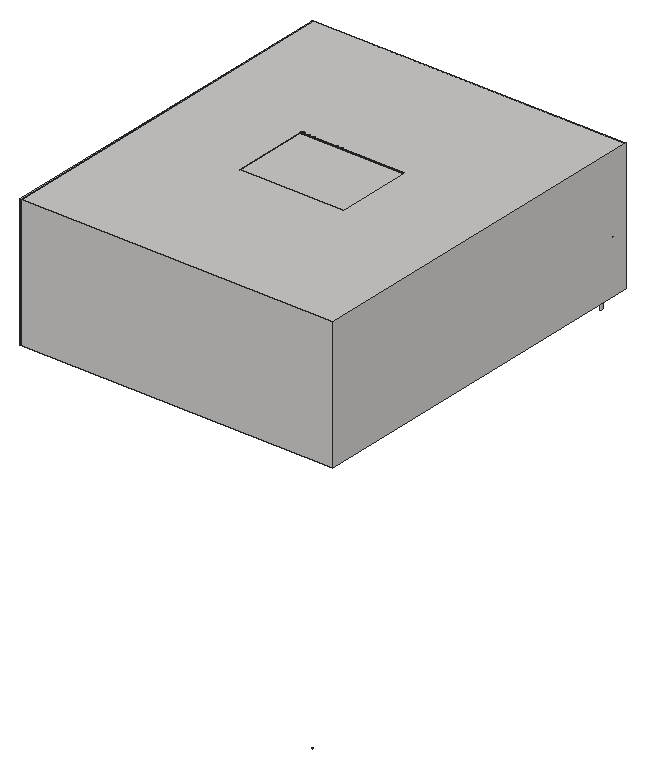
Revit family "QF_ELECTROLUXPROFESSIONAL_640270_VAP1214", category Attrezzature speciali, Revit 2021
Family settings
  Quota connettore circolare = Usa diametro
  Tipo di parte = Normale
  Basato su piano di lavoro = No
  Sempre verticale = Sì
  Taglio con vuoti quando caricato = No
  Condiviso = No
  Punto di calcolo locali = No
Parameters (values of type "Standard")
  Weight = 56.00 kg
  Watts = 0 W
  Volts = 0 V
  URL Manufacturer = "https://www.electroluxprofessional.com/"
  URL = "https://www.electroluxprofessional.com/"
  Steam Supply Size = 0 mm
  Steam Supply Minimum Pressure = 0.0 Pa
  Steam Supply Maximum Pressure = 0.0 Pa
  Steam Consumption per Hour = 0
  Refrigeration Suction Line Size = 0 mm
  Refrigeration Liquid Line Size = 0 mm
  Refrigerant Compressor Remote = yes
  Prospetto di default = 0 mm
  Produttore = "Electrolux Professional"
  Phase = 0
  Modello = "VAP1214"
  Length Actual = 1200 mm  # constant formula
  Item Number = "640270"
  Hot Water Size = 0 mm
  Height Actual = 500 mm  # constant formula
  HP = "0 HP"
  Gas Size = 0 mm
  Gas KW = 0
  Gas Input Pressure = 0 W
  Direct Waste Size = 0 mm
  Descrizione = "304 S/S WALL HOOD+DOUBLE FILTERS 120X140 CM"
  Depth Actual = 1400 mm  # constant formula
  Cycle = 0 Hz
  Condensate Return Size = 0 mm
  Compressed Air Volume = 0.0 L/s
  Compressed Air Size = 0 mm
  Compressed Air Pressure = 0.0 Pa
  Cold Water Size = 0 mm
  Accessory = yes
Reference planes
  plane 1: z = 0
  plane 2 "Center (Left/Right)": x = 150
  plane 3 "LEFT": x = -450
  plane 4 "RIGHT": x = 750
  plane 5 "BACK": y = 550
  plane 6 "TOP": z = 2500
  plane 7 "Base": z = 2000
  plane 8: z = 1970
  plane 9 "DrainY": y = 450
  plane 10: x = -447
  plane 11 "DrainX": x = 737
  plane 12 "AOLeft2": x = 350
  plane 13: x = 747
  plane 14: x = -250
  plane 15: x = 550
  plane 16: x = 50
  plane 17: x = 250
  plane 18 "AOLeft1": x = -50
  plane 19: through (0, 550, 2133.855) normal (0, 0.5299, 0.848)
  plane 20: y = 0
  plane 21: y = -300
  plane 22: y = -150
  plane 23: y = -850
  plane 24: through (0, -850, 2133.855) normal (0, 0.5299, -0.848)
Forms (mm)
  Extrusion 1, solid, material "QF_Finishes_Stainless Steel"
    sketch origin (-450, 0, 360) x (0, 1, 0) y (0, 0, 1)
      loop
        line (550, 1640) -> (550, 2140) -> (-850, 2140) -> (-850, 1640) -> (550, 1640)
    from 0 to 3
  Extrusion 2, solid, material "QF_Finishes_Stainless Steel"
    sketch origin (750, 0, 360) x (0, 1, 0) y (0, 0, 1)
      loop
        line (550, 1640) -> (550, 2140) -> (-850, 2140) -> (-850, 1640) -> (550, 1640)
    from 0 to -3
  Extrusion 3, solid, material "QF_Finishes_Stainless Steel"
    sketch origin (150, 0, 360) x (0, 1, 0) y (0, 0, 1)
      loop
        line (-850, 2140) -> (-850, 1640) -> (-840, 1640) -> (-840, 1640.8) -> (-849.2, 1640.8) -> (-849.2, 2139.19) -> (549.2, 2139.19) -> (549.2, 1640.8) -> (540, 1640.8) -> (540, 1640) -> (550, 1640) -> (550, 2140) -> (-850, 2140)
    from -600 to 600
  Extrusion 4, solid, material "QF_Finishes_Stainless Steel"
    sketch origin (0, 0, 2000) x (0, 1, 0) y (-1, 0, 0)
      loop
        circle (450, -737) r 4.763
    from -30 to 0
  Extrusion 5, void
    sketch origin (0, 400, 2500) x (0, 1, 0) y (-1, 0, 0)
      loop
        line (-400, -350) -> (-400, 50) -> (-700, 50) -> (-700, -350) -> (-400, -350)
    from 0 to -10
  Extrusion 6, solid, material "QF_Finishes_Stainless Steel"
    sketch origin (0, 0, 0) x (1, 0, 0) y (0, 1, 0)
      loop
        line (-450, 550) -> (-450, 549) -> (-449, 549) -> (-449, 550) -> (-450, 550)
    from 0 to 1
  Extrusion 7, solid, material "QF_Finishes_Stainless Steel"
    sketch origin (150, 0, 360) x (0, 1, 0) y (0, 0, 1)
      loop
        line (503.5, 1837.574) -> (207.375, 2022.621) -> (192.198, 1998.364) -> (488.366, 1813.348) -> (503.5, 1837.574)
      loop
        line (-803.5, 1837.574) -> (-788.366, 1813.348) -> (-492.198, 1998.364) -> (-507.375, 2022.621) -> (-803.5, 1837.574)
    from -400 to -597
  Extrusion 8, solid, material "QF_Finishes_Stainless Steel"
    sketch origin (150, 0, 360) x (0, 1, 0) y (0, 0, 1)
      loop
        line (549.2, 1775.312) -> (472.742, 1823.075) -> (472.313, 1822.387) -> (549.2, 1774.355) -> (549.2, 1775.312)
      loop
        line (202.48, 1991.938) -> (126.212, 2039.602) -> (-426.212, 2039.602) -> (-502.48, 1991.938) -> (-502.063, 1991.27) -> (-426, 2038.801) -> (126, 2038.801) -> (202.063, 1991.27) -> (202.48, 1991.938)
      loop
        line (-849.2, 1775.312) -> (-849.2, 1774.355) -> (-772.313, 1822.387) -> (-772.742, 1823.075) -> (-849.2, 1775.312)
    from -597 to 597
  Extrusion 9, solid, material "QF_Finishes_Stainless Steel"
    sketch origin (150, 0, 360) x (0, 1, 0) y (0, 0, 1)
      loop
        line (-507.375, 2022.621) -> (-803.5, 1837.574) -> (-788.366, 1813.348) -> (-492.198, 1998.364) -> (-507.375, 2022.621)
      loop
        line (503.5, 1837.574) -> (207.375, 2022.621) -> (192.198, 1998.364) -> (488.366, 1813.348) -> (503.5, 1837.574)
    from 597 to 400
  Extrusion 10, solid, material "QF_Finishes_Stainless Steel"
    sketch origin (150, 0, 360) x (0, 1, 0) y (0, 0, 1)
      loop
        line (-507.375, 2022.621) -> (-803.5, 1837.574) -> (-788.366, 1813.348) -> (-492.198, 1998.364) -> (-507.375, 2022.621)
      loop
        line (503.5, 1837.574) -> (207.375, 2022.621) -> (192.198, 1998.364) -> (488.366, 1813.348) -> (503.5, 1837.574)
    from -100 to 100
  Extrusion 11, solid, material "QF_Finished_Chrome"
    sketch origin (150, 0, 360) x (0, 1, 0) y (0, 0, 1)
      loop
        line (503.5, 1837.574) -> (207.375, 2022.621) -> (192.198, 1998.364) -> (488.366, 1813.348) -> (503.5, 1837.574)
      loop
        line (-507.375, 2022.621) -> (-803.5, 1837.574) -> (-788.366, 1813.348) -> (-492.198, 1998.364) -> (-507.375, 2022.621)
    from -400 to -100
  Extrusion 12, solid, material "QF_Finished_Chrome"
    sketch origin (150, 0, 360) x (0, 1, 0) y (0, 0, 1)
      loop
        line (-507.375, 2022.621) -> (-803.5, 1837.574) -> (-788.366, 1813.348) -> (-492.198, 1998.364) -> (-507.375, 2022.621)
      loop
        line (503.5, 1837.574) -> (207.375, 2022.621) -> (192.198, 1998.364) -> (488.366, 1813.348) -> (503.5, 1837.574)
    from 100 to 400
  Sweep 13, solid, material "QF_Finishes_Stainless Steel"
    path origin (0, 0, 0) x (1, 0, 0) y (0, 1, 0)
      loop
        line (750, 550) -> (-450, 550) -> (-450, -850) -> (750, -850) -> (750, 550)
    profile origin (750, -150, 0) x (1, 0, 0) y (0, 0, 1)
      loop
        line (-3, 2000) -> (-3, 2000.8) -> (-19, 2000.8) -> (-19, 2010) -> (-20, 2010) -> (-20, 2000) -> (-3, 2000)
Cuts and joins
  Extrusion 5 cuts Extrusion 3
  joined: Extrusion 2, Extrusion 3, Sweep 13
Lines and regions (mm)
  symbolic lines, style "SpecialityEquipment", detail levels coarse
    curve 1: line (750, 550, 2500) -> (-450, 550, 2500)
    curve 2: line (-450, 550, 2500) -> (-450, -850, 2500)
    curve 3: line (750, -850, 2500) -> (750, 550, 2500)
    curve 4: line (-450, 550, 0) -> (750, -850, 0)
    curve 5: line (750, 550, 0) -> (-450, -850, 0)
  symbolic lines, detail levels coarse
    curve 6: line (-450, -850, 0) -> (750, -850, 0)
    curve 7: line (350, 0, 0) -> (-50, 0, 0)
    curve 8: line (350, -300, 0) -> (350, 0, 0)
    curve 9: line (-50, -300, 0) -> (350, -300, 0)
    curve 10: line (-50, 0, 0) -> (-50, -300, 0)
Dimensions and locks
  plane 3 "LEFT" to plane 4 "RIGHT" = 1200 mm
  equal spacing: plane 3 "LEFT", plane 2 "Center (Left/Right)", plane 4 "RIGHT"
  plane 7 "Base" to plane 8 = 30 mm
  plane 5 "BACK" to plane 9 "DrainY" = 100 mm  (x2)
  plane 3 "LEFT" to plane 10 = 3 mm
  plane 11 "DrainX" to plane 4 "RIGHT" = 13 mm
  plane 13 to plane 4 "RIGHT" = 3 mm
  plane 3 "LEFT" to plane 14 = 200 mm
  plane 15 to plane 4 "RIGHT" = 200 mm
  locked: plane 7 "Base" to level at 2000
  locked: plane 6 "TOP" to plane 7 "Base" at 500
  locked: plane 16 to plane 17 at 200
  equal spacing: plane 16, plane 2 "Center (Left/Right)", plane 17
  plane 5 "BACK" to plane 23 = 1400 mm  (x2)
  equal spacing: plane 5 "BACK", plane 22, plane 23
  locked: plane 20 to plane 21 at 300
  equal spacing: plane 20, plane 22, plane 21
  locked: plane 18 "AOLeft1" to plane 12 "AOLeft2" at 400
  equal spacing: plane 18 "AOLeft1", plane 2 "Center (Left/Right)", plane 12 "AOLeft2"
  aligned and locked: level to plane 1
  aligned and locked: plane 4 "RIGHT" to Extrusion 3
  aligned and locked: Extrusion 3 to plane 3 "LEFT"
  aligned and locked: Extrusion 7 to plane 10
  aligned and locked: Extrusion 7 to plane 14
  aligned and locked: Extrusion 2 to plane 13
  aligned and locked: plane 13 to Extrusion 9
  aligned and locked: plane 15 to Extrusion 9
  aligned and locked: plane 17 to Extrusion 10
  aligned and locked: Extrusion 10 to plane 16
  aligned and locked: plane 16 to Extrusion 11
  aligned and locked: Extrusion 11 to plane 14
  aligned and locked: Extrusion 12 to plane 17
  aligned and locked: Extrusion 12 to plane 15
  aligned and locked: Extrusion 8 to plane 10
  aligned and locked: plane 13 to Extrusion 8
  aligned and locked: Extrusion 5 to plane 18 "AOLeft1"
  aligned and locked: Extrusion 5 to plane 12 "AOLeft2"
  aligned and locked: plane 20 to curve 7
  aligned and locked: curve 9 to plane 21
  aligned and locked: plane 20 to Extrusion 5 sketch curve
  aligned and locked: Extrusion 5 sketch curve to plane 21
Automatic sketch dimensions
  Extrusion 1 sketch curve to plane 7 "Base" = 0 mm
  Extrusion 1 sketch curve to plane 5 "BACK" = 0 mm
  Extrusion 1 sketch curve to plane 6 "TOP" = 0 mm
  Extrusion 2 sketch curve to plane 7 "Base" = 0 mm
  Extrusion 2 sketch curve to plane 5 "BACK" = 0 mm
  Extrusion 2 sketch curve to plane 6 "TOP" = 0 mm
  Extrusion 3 sketch curve to plane 6 "TOP" = 0 mm
  Extrusion 3 sketch curve to plane 7 "Base" = 0 mm  (x2)
  Extrusion 3 sketch curve to plane 5 "BACK" = 0 mm
  Extrusion 3 sketch curve to Extrusion 3 sketch curve = 9.2 mm
  plane 7 "Base" to Extrusion 3 sketch curve = 0.8 mm  (x2)
  Extrusion 3 sketch curve to plane 5 "BACK" = 10 mm
  Extrusion 3 sketch curve to plane 5 "BACK" = 0.8 mm
  Extrusion 3 sketch curve to plane 6 "TOP" = 0.81 mm
  Extrusion 4 sketch curve to plane 9 "DrainY" = 0 mm
  Extrusion 4 sketch curve to plane 11 "DrainX" = 0 mm
  Extrusion 5 sketch curve to plane 12 "AOLeft2" = 0 mm
  Extrusion 5 sketch curve to plane 18 "AOLeft1" = 0 mm
  Extrusion 6 sketch curve to plane 3 "LEFT" = 0 mm
  Extrusion 6 sketch curve to plane 5 "BACK" = 0 mm
  plane 3 "LEFT" to Extrusion 6 sketch curve = 1 mm
  Extrusion 6 sketch curve to Extrusion 6 sketch curve = 1 mm
  Sweep 13 sketch curve to plane 3 "LEFT" = 0 mm
  Sweep 13 sketch curve to plane 4 "RIGHT" = 0 mm
  Sweep 13 sketch curve to plane 5 "BACK" = 0 mm
  profile plane to Sweep 13 sketch curve = 20 mm
  Sweep 13 sketch curve to Sweep 13 sketch curve = 1 mm
  profile plane to Sweep 13 sketch curve = 3 mm
  level to Sweep 13 sketch curve = 2000 mm
  Sweep 13 sketch curve to Sweep 13 sketch curve = 0.8 mm
  Sweep 13 sketch curve to Sweep 13 sketch curve = 9.2 mm
  Extrusion 11 sketch curve to plane 5 "BACK" = 46.5 mm
  plane 7 "Base" to Extrusion 11 sketch curve = 197.574 mm
  Extrusion 11 sketch curve to Extrusion 11 sketch curve = 15.134 mm  (x2)
  Extrusion 11 sketch curve to plane 6 "TOP" = 117.379 mm
  Extrusion 11 sketch curve to Extrusion 11 sketch curve = 24.226 mm  (x2)
  Extrusion 11 sketch curve to Extrusion 11 sketch curve = 15.177 mm  (x2)
  Extrusion 11 sketch curve to Extrusion 11 sketch curve = 24.257 mm  (x2)
  Extrusion 11 sketch curve to plane 6 "TOP" = 141.636 mm
  Extrusion 10 sketch curve to plane 6 "TOP" = 117.379 mm  (x2)
  Extrusion 10 sketch curve to Extrusion 10 sketch curve = 24.257 mm  (x2)
  Extrusion 10 sketch curve to Extrusion 10 sketch curve = 24.226 mm  (x2)
  Extrusion 10 sketch curve to Extrusion 10 sketch curve = 15.177 mm  (x2)
  plane 9 "DrainY" to Extrusion 10 sketch curve = 38.366 mm
  Extrusion 10 sketch curve to Extrusion 10 sketch curve = 15.134 mm  (x2)
  plane 7 "Base" to Extrusion 10 sketch curve = 173.348 mm  (x2)
  Extrusion 12 sketch curve to plane 6 "TOP" = 117.379 mm
  Extrusion 12 sketch curve to Extrusion 12 sketch curve = 15.177 mm  (x2)
  Extrusion 12 sketch curve to Extrusion 12 sketch curve = 24.257 mm  (x2)
  Extrusion 12 sketch curve to plane 6 "TOP" = 141.636 mm
  plane 7 "Base" to Extrusion 12 sketch curve = 197.574 mm  (x2)
  Extrusion 12 sketch curve to plane 9 "DrainY" = 257.802 mm
  plane 9 "DrainY" to Extrusion 12 sketch curve = 38.366 mm
  Extrusion 12 sketch curve to Extrusion 12 sketch curve = 15.134 mm  (x2)
  Extrusion 9 sketch curve to plane 6 "TOP" = 117.379 mm  (x2)
  Extrusion 9 sketch curve to Extrusion 9 sketch curve = 24.257 mm  (x2)
  Extrusion 9 sketch curve to Extrusion 9 sketch curve = 24.226 mm  (x2)
  Extrusion 9 sketch curve to plane 5 "BACK" = 46.5 mm
  plane 7 "Base" to Extrusion 9 sketch curve = 197.574 mm
  Extrusion 9 sketch curve to Extrusion 9 sketch curve = 15.134 mm  (x2)
  Extrusion 9 sketch curve to Extrusion 9 sketch curve = 15.177 mm  (x2)
  Extrusion 1 sketch curve to plane 21 = 550 mm
  Extrusion 2 sketch curve to plane 21 = 550 mm
  Extrusion 3 sketch curve to plane 21 = 540 mm
  Extrusion 3 sketch curve to Extrusion 3 sketch curve = 0.8 mm
  Extrusion 9 sketch curve to plane 21 = 192.198 mm
  plane 7 "Base" to Extrusion 9 sketch curve = 173.348 mm
  Extrusion 10 sketch curve to plane 21 = 192.198 mm
  Extrusion 11 sketch curve to plane 21 = 192.198 mm
  plane 7 "Base" to Extrusion 11 sketch curve = 173.348 mm
  Extrusion 12 sketch curve to plane 21 = 192.198 mm
  plane 7 "Base" to Extrusion 12 sketch curve = 173.348 mm
  Sweep 13 sketch curve to plane 21 = 550 mm
  curve 5 to plane 3 "LEFT" = 0 mm
  curve 4 to plane 3 "LEFT" = 0 mm
  curve 10 to plane 18 "AOLeft1" = 0 mm
  curve 8 to plane 12 "AOLeft2" = 0 mm
  curve 5 to plane 4 "RIGHT" = 0 mm
  curve 6 to plane 4 "RIGHT" = 0 mm
  curve 4 to plane 5 "BACK" = 0 mm
  curve 5 to plane 5 "BACK" = 0 mm
  curve 6 to plane 23 = 0 mm
  plane 23 to Extrusion 8 sketch curve = 0.8 mm
  plane 23 to Extrusion 8 sketch curve = 77.258 mm
  Extrusion 8 sketch curve to Extrusion 8 sketch curve = 0.43 mm  (x2)
  Extrusion 8 sketch curve to plane 6 "TOP" = 100.398 mm
  Extrusion 8 sketch curve to plane 21 = 126.212 mm
  Extrusion 8 sketch curve to Extrusion 8 sketch curve = 0.418 mm  (x2)
  plane 20 to Extrusion 8 sketch curve = 126 mm
  Extrusion 8 sketch curve to Extrusion 8 sketch curve = 0.212 mm  (x2)
  Extrusion 8 sketch curve to Extrusion 8 sketch curve = 76.063 mm
  Extrusion 8 sketch curve to plane 6 "TOP" = 148.062 mm
  plane 9 "DrainY" to Extrusion 8 sketch curve = 22.313 mm
  Extrusion 8 sketch curve to plane 5 "BACK" = 0.8 mm
  plane 7 "Base" to Extrusion 8 sketch curve = 183.075 mm  (x2)
  Extrusion 8 sketch curve to Extrusion 8 sketch curve = 0.688 mm  (x2)
  Extrusion 8 sketch curve to Extrusion 8 sketch curve = 0.669 mm
  Extrusion 8 sketch curve to Extrusion 8 sketch curve = 0.801 mm
  Extrusion 8 sketch curve to Extrusion 8 sketch curve = 47.531 mm
  plane 23 to Extrusion 7 sketch curve = 46.5 mm
  Extrusion 7 sketch curve to Extrusion 7 sketch curve = 15.134 mm  (x2)
  Extrusion 7 sketch curve to plane 21 = 207.375 mm
  Extrusion 7 sketch curve to Extrusion 7 sketch curve = 15.177 mm  (x2)
  plane 20 to Extrusion 7 sketch curve = 192.198 mm
  plane 9 "DrainY" to Extrusion 7 sketch curve = 38.366 mm
  plane 7 "Base" to Extrusion 7 sketch curve = 173.348 mm  (x2)
  Extrusion 7 sketch curve to Extrusion 7 sketch curve = 24.226 mm  (x2)
  Extrusion 7 sketch curve to Extrusion 7 sketch curve = 24.257 mm  (x2)
  curve 2 to plane 3 "LEFT" = 0 mm
  curve 2 to plane 23 = 0 mm
  curve 3 to plane 4 "RIGHT" = 0 mm
  curve 3 to plane 23 = 0 mm
  curve 2 to plane 5 "BACK" = 0 mm
  radius of Extrusion 4 sketch curve = 4.763 mm
Connectors
  piping at (737, 450, 1970), diameter 9.5
    settings: on Extrusion 4, index 1, connector inside diameter 609.6 mm, connector length 0 mm, flow factor 0, pipe flow 0.0 L/s, pressure drop 0.0 Pa, fitting loss kfactor 0, connector angle 0.00°, fixture units 0, engagement length 0 mm, angle of deflection 0.00°, flow configuration 1, flow direction 2, fitting loss method 0, system type 16, joint type 0, gender type 0, connector reference index -1, connector utility 0, adjustable connector no, is connector primary yes, connector description "Drain"
  hvac at (150, -150, 2500)
    settings: on Extrusion 5, index 2, duct flow 0.0 L/s, flow factor 0, pres drop 0.0 Pa, loss coef 0, conn angle 0.00°, conn width 300 mm, conn height 400 mm, conn diameter 609.6 mm, duct sys type 3, conn prof type 1, flow config 1, flow direction 2, loss method 0, conn ref index -1, conn util no, is conn primary yes, conn desc "EXHAUST OUTLET"
